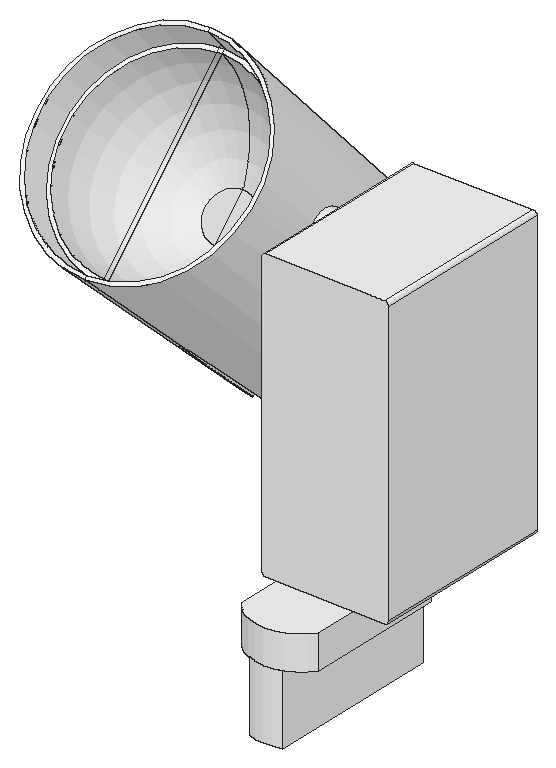
Revit family "0004923 Feilo Sylvania Lighting Fixture START TRACK SPOT S DALI 1262LM 930 MB WHT", category Lighting Fixtures, host Face, Revit 2017
Family settings
  Host = Face
  Round Connector Dimension = Use Diameter
  Part Type = Normal
  OmniClass Number = 23.80.70.00
  OmniClass Title = Lighting
  Cut with Voids When Loaded = No
  Light Source = No
  Shared = No
  Room Calculation Point = No
Parameters (values of type "0004923 START TRACK SPOT S DALI 1262LM 930 MB WHT")
  Weight = "0.94 kg"
  Wattage Comments = ""
  WarrantyStartDate [instance] = "n/a"
  WarrantyGuarantorParts = "n/a"
  WarrantyDurationUnit = "n/a"
  WarrantyDurationParts = "n/a"
  WarrantyDescription = "n/a"
  Voltage = 230 V
  URL = "http://www.sylvania-lighting.com/"
  TypeName = "START TRACK SPOT S DALI 1262LM 930 MB WHT"
  TypeHead_FEILO = Start Track Spot Head : 0004860 START TRACK SPOT S 14W 3K RA90 MB WHITE
  TypeBox_FEILO = Start Track Spot Box : Type Small White
  Type Image = <None>
  Type Comments = "n/a"
  VerticalRotation_FEILO [instance] = 0.00°
  SlideEndAngle_FEILO [instance] = VerticalRotation_FEILO + 180.00°  # 180.00°
  SerialNumber [instance] = "n/a"
  Material_3_FEILO = none
  PowerFactor = 0.92
  PowerConsumption = "14 W"
  NominalLength = 0 mm
  NominalHeight = 200 mm
  NominalDepth = 140 mm
  Name = "START TRACK SPOT S DALI 1262LM 930 MB WHT"
  ModelReference = Name  # "START TRACK SPOT S DALI 1262LM 930 MB WHT"
  ModelNumber = "0004923"
  Model = Name  # "START TRACK SPOT S DALI 1262LM 930 MB WHT"
  Material = "adc12 aluminium housing, polycarbonate diffuser"
  ManufacturerName = "Feilo Sylvania"
  Manufacturer = "Feilo Sylvania"
  LuminousEfficacy = "90 lm/W"
  LuminaireType = ""
  LightOutputRatio = "100"
  LampsType = Lamp  # "LED"
  LampNominalLuminous = "1262 lm"
  LampMacAdamStep = "3"
  LampColourTemperature = "3000 K"
  LampColourRenderingIndex = "90"
  Lamp = "LED"
  Keynote = "16500"
  InstallationDate [instance] = "n/a"
  InputVoltage = "230-240V~"
  InputNominalFrequency = "50/60 Hz"
  IngressProtection = "IP20"
  ImpactProtectionIndex = "IK02"
  IfcExportType = "IfcLightFixtureType"
  IfcExportAs = "IfcLightFixtureType"
  HorizontalRotation_FEILO [instance] = 45.00°
  ExpectedLife = 50000
  ElectricShockClassification = "Class II"
  DurationUnit = "hours"
  DocumentationLiterature = "http://www.sylvania-lighting.com/product/en-int/products/0004860"
  DimmingControlOptions = "Dimmable"
  Material_2_FEILO = none
  Description = "Integrated LED spotlight, Textured White - RAL9016, compact and minimalist design, ideal for retail applications, die-cast aluminium body, passive cooling heatsink. Beam angle: 36°, color temperature: 3000K , total system power: 14W, total fixture output: 1262 lm, LOR: 100%, colour rendering: Ra: 90 typical, LED Chromaticity: 3 step MacAdam ellipse, lifetime: >50000 hours at L70B50, energy class: A++, A+, A, IR/UV free light source without heat radiation, operating voltage: 220-240V / 50-60Hz, drive current: 350mA, electronic driver, non-dimmable, power factor: 0.92, electrical protection: Class II, Global Track 3 Phase adapter suitable for Global trac 3-circuit tracks, ingress protection rating: IP20, suitable for internal environment only, horizontal rotation: 355°, vertical tilt: 90°, dimensions: Ø86x140x200, weight: 0.940kg."
  Default Elevation = 1219.2 mm
  CreatedOn = "04/26/2018"
  CreatedBy = ""
  Cost = 0
  built-in parameter 1114216 [instance] = (empty or 0)
  ClassificationValue = "EF_70_80"
  ClassificationName = "Uniclass2015"
  Material_1_FEILO = Body-Sylvania-StartTrackSpot-White
  BarCode [instance] = "n/a"
  AssetType = "Fixed"
  AssetIdentifier [instance] = "n/a"
  Assembly Code = "D5020200"
  Apparent Load = 14 VA
  Material_4_FEILO = none
Reference planes
  plane 1 "Center (Front/Back)": y = 0
  plane 2: z = 0
  plane 3 "Center (Left/Right)": x = 0
  plane 4: x = 15
  plane 5: x = -15
  plane 6: y = 35
  plane 7: y = -35
  plane 8: z = 13
  plane 9: z = -27
  plane 10: x = 6.5
  plane 11: x = -6.5
  plane 12: y = 27
  plane 13: y = -27
  plane 14: y = 20
Forms (mm)
  Extrusion 1, solid, material "Body-Sylvania-StartTrackSpot-White" <- "Material_1_FEILO"
    sketch origin (0, 0, 0) x (1, 0, 0) y (0, 1, 0)
      loop
        line (-15, 27) -> (-15, -27)
        arc (-15, -27) -> (0, -35) -> (15, -27) r 18.062
        line (15, -27) -> (15, 27)
        arc (15, 27) -> (0, 35) -> (-15, 27) r 18.062
    from 0 to 13
  Extrusion 2, solid, material "Body-Sylvania-StartTrackSpot-White" <- "Material_1_FEILO"
    sketch origin (0, 0, 0) x (1, 0, 0) y (0, 1, 0)
      loop
        arc (6.5, 33.79) -> (0, 35) -> (-6.5, 33.79) r 18.062
        line (-6.5, 33.79) -> (-6.5, -33.79)
        arc (-6.5, -33.79) -> (0, -35) -> (6.5, -33.79) r 18.062
        line (6.5, -33.79) -> (6.5, 33.79)
    from 0 to -27
  Revolve 3, solid, not visible
    sketch origin (1524, 20, 1219.2) x (1, 0, 0) y (0, 0, 1)
      loop
        line (-1524, -1206.2) -> (-1524, -1191.285) -> (-1530.5, -1191.285) -> (-1530.5, -1206.2) -> (-1524, -1206.2)
      axis (-1524, -1191.285) -> (-1524, -1206.2)
    angle from 0 <- "VerticalRotation_FEILO" to 180 <- "SlideEndAngle_FEILO"
Cuts and joins
  joined: Extrusion 1, Extrusion 2
Dimensions and locks
  equal spacing: plane 10, plane 3 "Center (Left/Right)", plane 11
  equal spacing: plane 4, plane 3 "Center (Left/Right)", plane 5
  locked: plane 8 to plane 2 at 13
  locked: plane 8 to plane 9 at 40
  equal spacing: plane 13, plane 1 "Center (Front/Back)", plane 12
  locked: plane 12 to plane 6 at 8
  locked: plane 14 to plane 6 at 15
  locked: Revolve 3 sketch curve to plane 8 at 14.915
  aligned and locked: plane 2 to host face
  aligned and locked: level to host face
  aligned and locked: plane 5 to Extrusion 1 sketch curve  (x2)
  aligned and locked: plane 12 to Extrusion 1 sketch curve
  aligned and locked: plane 13 to Extrusion 1 sketch curve
  aligned and locked: plane 4 to Extrusion 1 sketch curve
  aligned and locked: Extrusion 1 to plane 8
  aligned and locked: Extrusion 1 to level
  aligned and locked: Extrusion 2 sketch curve to Extrusion 1  (x2)
  aligned and locked: Extrusion 2 sketch curve to plane 11
  aligned and locked: plane 10 to Extrusion 2 sketch curve
  aligned and locked: plane 9 to Extrusion 2
  aligned and locked: level to Extrusion 2
  aligned and locked: Revolve 3 sketch curve to plane 3 "Center (Left/Right)"  (x2)
  aligned and locked: plane 11 to Revolve 3 sketch curve
  aligned and locked: Revolve 3 sketch curve to plane 8
Automatic sketch dimensions
  host sketch curve to host sketch curve = 2438.4 mm  (x2)
  Extrusion 1 sketch curve to plane 3 "Center (Left/Right)" = 0 mm  (x2)
  Extrusion 1 sketch curve to plane 13 = 10.062 mm
  plane 12 to Extrusion 1 sketch curve = 10.062 mm
  Revolve 3 sketch curve to plane 3 "Center (Left/Right)" = 0 mm
  plane 9 to Revolve 3 sketch curve = 582.6 mm
  Revolve 3 sketch curve to Revolve 3 sketch curve = 2581.144 mm
Nested families
  nested 1: "Start Track Spot Head" at (-62, 20, 112.529) x (0, 0.7071, 0.7071) z (0, 0.7071, -0.7071), type <- "TypeHead_FEILO", type "0004860 START TRACK SPOT S 14W 3K RA90 MB WHITE"
    with built-in parameter 1114216 (empty or 0)
  nested 2: "Start Track Spot Box" at (8.5, 20, 73) x (-1, 0, 0) z (0, -1, 0), BoxStartAngle_FEILO <- "HorizontalRotation_FEILO", type <- "TypeBox_FEILO", type "Type Small White"
    with BoxStartAngle_FEILO 45.00°, BoxEndAngle_FEILO -135.00°
Connectors
  electrical at (0, 0, 0), driven by "Apparent Load", driven by "PowerFactor", driven by "Voltage"
    settings: index 1, voltage 230 V, apparent load 14 VA, apparent load phase1 0 VA, apparent load phase2 0 VA, apparent load phase3 0 VA, power factor 0.92, load classification "Lighting", number of poles 1, system type 30, power factor state 1, is connector primary yes, connector utility no, sub classification motor no, connector description ""
Definition of nested family "Start Track Spot Head"
  Parameters (values of type "0004811 START TRACK SPOT S 14W 3K RA80 NB WHITE")
    Wattage Comments = "n/a"
    Wattage = 14 W
    built-in parameter 1150110 = 1 (stored number, unit not read)
    URL = "http://www.feilosylvania.com"
    Type Image = (empty or 0)
    Type Comments = "n/a"
    built-in parameter 1114217 = 1 (stored number, unit not read)
    Tilt Angle = -90.00°
    built-in parameter 1150109 = 1 (stored number, unit not read)
    built-in parameter 1150134 = (empty or 0)
    built-in parameter 1150113 = 1 (stored number, unit not read)
    Photometric Web File = "0004811.ies"
    Material_3_FEILO = none
    Model = "START TRACK SPOT S 14W 3K RA80 NB WHITE"
    Manufacturer = "Feilo Sylvania"
    built-in parameter 1150105 = 123.66 (stored number, unit not read)
    Lumens = 1554 lm
    built-in parameter 1150115 = 1 (stored number, unit not read)
    built-in parameter 1150137 = (empty or 0)
    built-in parameter 1150139 = (empty or 0)
    built-in parameter 1150112 = 1 (stored number, unit not read)
    built-in parameter 1150114 = 1 (stored number, unit not read)
    Lamp = "LED"
    Keynote = "16500"
    Material_2_FEILO = none
    built-in parameter 1150132 = (empty or 0)
    built-in parameter 1150102 = (empty or 0)
    built-in parameter 1150107 = 3000 (stored number, unit not read)
    built-in parameter 1150138 = (empty or 0)
    built-in parameter 1150106 = 1.2366 (stored number, unit not read)
    HeadThickness_FEILO = if(HeadDiaOut_FEILO > 112 mm, 2 mm, 1.5 mm)  # 1.5 mm
    HeadRibOffset_FEILO = HeadHeight_FEILO / 28  # 4.179 mm
    HeadRibDepth_FEILO = HeadHeight_FEILO / 2.1  # 55.714 mm
    HeadRibCutWidth_FEILO = HeadDiaOut_FEILO / 12  # 7.167 mm
    HeadRibCutOffset_FEILO = HeadHeight_FEILO / 2.3  # 50.87 mm
    HeadReflectorRadius_FEILO = HeadDiaOut_FEILO / 1.7  # 50.588 mm
    HeadReflectorOffset_FEILO = HeadHeight_FEILO / 2.1  # 55.714 mm
    HeadLEDRadius_FEILO = HeadDiaOut_FEILO / 9  # 9.556 mm
    HeadHeight_FEILO = 117 mm
    HeadDraft_FEILO = 1 mm
    HeadDiffusorThickness_FEILO = 3 mm
    HeadDiffusorOffset_FEILO = HeadHeight_FEILO / 12.4  # 9.435 mm
    HeadDiaOut_FEILO = 86 mm
    HeadDiaIn_FEILO = HeadDiaOut_FEILO / 1.11  # 77.477 mm
    HeadAxisFromTop_FEILO = HeadHeight_FEILO / 1.687  # 69.354 mm
    Emit from Circle Diameter = HeadDiaIn_FEILO  # 77.477 mm
    Emit Shape Visible in Rendering = no
    built-in parameter 1150104 = 10.312 (stored number, unit not read)
    Dimming Lamp Color Temperature Shift = (empty or 0)
    Description = "Integrated LED spotlight, Textured White - RAL9016, compact and minimalist design, ideal for retail applications, die-cast aluminium body, passive cooling heatsink. Beam angle: 12°, color temperature: 3000K , total system power: 14W, total fixture output: 1551 lm, LOR: 100%, colour rendering: Ra: 80 typical, LED Chromaticity: 3 step MacAdam ellipse, lifetime: >50000 hours at L70B50, energy class: A++, A+, A, IR/UV free light source without heat radiation, operating voltage: 220-240V / 50-60Hz, drive current: 350mA, electronic driver, non-dimmable, power factor: 0.92, electrical protection: Class II, Global Track 3 Phase adapter suitable for Global trac 3-circuit tracks, ingress protection rating: IP20, suitable for internal environment only, horizontal rotation: 355°, vertical tilt: 90°, dimensions: Ø86x140x200, weight: 0.940kg."
    Default Elevation = 1219.2 mm
    Cost = 0
    Color Filter = 16777215
    built-in parameter 1114216 [instance] = (empty or 0)
    Material_1_FEILO = none
    built-in parameter 1114218 = 1 (stored number, unit not read)
    built-in parameter 1150133 = 10 (stored number, unit not read)
    Assembly Code = "D5020200"
    Apparent Load = 14 VA
    Material_4_FEILO = none
  Types (96, lengths in mm): name | Wattage | built-in parameter 1150134 | Photometric Web File | Model | built-in parameter 1150105 | Lumens | built-in parameter 1150107 | built-in parameter 1150106 | HeadThickness_FEILO | HeadRibOffset_FEILO | HeadRibDepth_FEILO | HeadRibCutWidth_FEILO | HeadRibCutOffset_FEILO | HeadReflectorRadius_FEILO | HeadReflectorOffset_FEILO | HeadLEDRadius_FEILO | HeadHeight_FEILO | HeadDiffusorOffset_FEILO | HeadDiaOut_FEILO | HeadDiaIn_FEILO | HeadAxisFromTop_FEILO | Emit from Circle Diameter | built-in parameter 1150104 | Description | Apparent Load
    0004906 START TRACK SPOT L 55W 4K RA90 WB BLACK | 55 W | 12 | "0004906.ies" | "START TRACK SPOT L 55W 4K RA90 WB BLACK" | 385.15 (stored number, unit not read) | 4840 lm | 4000 (stored number, unit not read) | 3.8515 (stored number, unit not read) | 2 | 4.429 | 59.048 | 9.417 | 53.913 | 66.471 | 59.048 | 12.556 | 124 | 10 | 113 | 101.802 | 73.503 | 101.802 | 8.1755 (stored number, unit not read) | "Integrated LED spotlight, Textured Black - RAL9005, compact and minimalist design, ideal for retail applications, die-cast aluminium body, passive cooling heatsink. Beam angle: 52°, color temperature: 4000K , total system power: 55W, total fixture output: 4824 lm, LOR: 100%, colour rendering: Ra: 90 typical, LED Chromaticity: 3 step MacAdam ellipse, lifetime: >50000 hours at L70B50, energy class: A++, A+, A, IR/UV free light source without heat radiation, operating voltage: 220-240V / 50-60Hz, drive current: 1400mA, electronic driver, non-dimmable, power factor: 0.96, electrical protection: Class II, Global Track 3 Phase adapter suitable for Global trac 3-circuit tracks, ingress protection rating: IP20, suitable for internal environment only, horizontal rotation: 355°, vertical tilt: 90°, dimensions: Ø113x164x240, weight: 1.398kg." | 55 VA
    0004905 START TRACK SPOT L 55W 4K RA90 MB BLACK | 55 W | 12 | "0004905.ies" | "START TRACK SPOT L 55W 4K RA90 MB BLACK" | 389.53 (stored number, unit not read) | 4895 lm | 4000 (stored number, unit not read) | 3.8953 (stored number, unit not read) | 2 | 4.429 | 59.048 | 9.417 | 53.913 | 66.471 | 59.048 | 12.556 | 124 | 10 | 113 | 101.802 | 73.503 | 101.802 | 8.2684 (stored number, unit not read) | "Integrated LED spotlight, Textured Black - RAL9005, compact and minimalist design, ideal for retail applications, die-cast aluminium body, passive cooling heatsink. Beam angle: 38°, color temperature: 4000K , total system power: 55W, total fixture output: 4897 lm, LOR: 100%, colour rendering: Ra: 90 typical, LED Chromaticity: 3 step MacAdam ellipse, lifetime: >50000 hours at L70B50, energy class: A++, A+, A, IR/UV free light source without heat radiation, operating voltage: 220-240V / 50-60Hz, drive current: 1400mA, electronic driver, non-dimmable, power factor: 0.96, electrical protection: Class II, Global Track 3 Phase adapter suitable for Global trac 3-circuit tracks, ingress protection rating: IP20, suitable for internal environment only, horizontal rotation: 355°, vertical tilt: 90°, dimensions: Ø113x164x240, weight: 1.398kg." | 55 VA
    0004904 START TRACK SPOT L 55W 4K RA90 NB BLACK | 55 W | 12 | "0004904.ies" | "START TRACK SPOT L 55W 4K RA90 NB BLACK" | 393.91 (stored number, unit not read) | 4950 lm | 4000 (stored number, unit not read) | 3.9391 (stored number, unit not read) | 2 | 4.429 | 59.048 | 9.417 | 53.913 | 66.471 | 59.048 | 12.556 | 124 | 10 | 113 | 101.802 | 73.503 | 101.802 | 8.3613 (stored number, unit not read) | "Integrated LED spotlight, Textured Black - RAL9005, compact and minimalist design, ideal for retail applications, die-cast aluminium body, passive cooling heatsink. Beam angle: 15°, color temperature: 4000K , total system power: 55W, total fixture output: 4965 lm, LOR: 100%, colour rendering: Ra: 90 typical, LED Chromaticity: 3 step MacAdam ellipse, lifetime: >50000 hours at L70B50, energy class: A++, A+, A, IR/UV free light source without heat radiation, operating voltage: 220-240V / 50-60Hz, drive current: 1400mA, electronic driver, non-dimmable, power factor: 0.96, electrical protection: Class II, Global Track 3 Phase adapter suitable for Global trac 3-circuit tracks, ingress protection rating: IP20, suitable for internal environment only, horizontal rotation: 355°, vertical tilt: 90°, dimensions: Ø113x164x240, weight: 1.398kg." | 55 VA
    0004903 START TRACK SPOT L 35W 4K RA90 WB BLACK | 35 W | 12 | "0004903.ies" | "START TRACK SPOT L 35W 4K RA90 WB BLACK" | 284.09 (stored number, unit not read) | 3570 lm | 4000 (stored number, unit not read) | 2.8409 (stored number, unit not read) | 2 | 4.429 | 59.048 | 9.417 | 53.913 | 66.471 | 59.048 | 12.556 | 124 | 10 | 113 | 101.802 | 73.503 | 101.802 | 9.4761 (stored number, unit not read) | "Integrated LED spotlight, Textured Black - RAL9005, compact and minimalist design, ideal for retail applications, die-cast aluminium body, passive cooling heatsink. Beam angle: 52°, color temperature: 4000K , total system power: 35W, total fixture output: 3562 lm, LOR: 100%, colour rendering: Ra: 90 typical, LED Chromaticity: 3 step MacAdam ellipse, lifetime: >50000 hours at L70B50, energy class: A++, A+, A, IR/UV free light source without heat radiation, operating voltage: 220-240V / 50-60Hz, drive current: 900mA, electronic driver, non-dimmable, power factor: 0.93, electrical protection: Class II, Global Track 3 Phase adapter suitable for Global trac 3-circuit tracks, ingress protection rating: IP20, suitable for internal environment only, horizontal rotation: 355°, vertical tilt: 90°, dimensions: Ø113x164x240, weight: 1.368kg." | 35 VA
    0004902 START TRACK SPOT L 35W 4K RA90 MB BLACK | 35 W | 12 | "0004902.ies" | "START TRACK SPOT L 35W 4K RA90 MB BLACK" | 286.88 (stored number, unit not read) | 3605 lm | 4000 (stored number, unit not read) | 2.8688 (stored number, unit not read) | 2 | 4.429 | 59.048 | 9.417 | 53.913 | 66.471 | 59.048 | 12.556 | 124 | 10 | 113 | 101.802 | 73.503 | 101.802 | 9.569 (stored number, unit not read) | "Integrated LED spotlight, Textured Black - RAL9005, compact and minimalist design, ideal for retail applications, die-cast aluminium body, passive cooling heatsink. Beam angle: 38°, color temperature: 4000K , total system power: 35W, total fixture output: 3616 lm, LOR: 100%, colour rendering: Ra: 90 typical, LED Chromaticity: 3 step MacAdam ellipse, lifetime: >50000 hours at L70B50, energy class: A++, A+, A, IR/UV free light source without heat radiation, operating voltage: 220-240V / 50-60Hz, drive current: 900mA, electronic driver, non-dimmable, power factor: 0.93, electrical protection: Class II, Global Track 3 Phase adapter suitable for Global trac 3-circuit tracks, ingress protection rating: IP20, suitable for internal environment only, horizontal rotation: 355°, vertical tilt: 90°, dimensions: Ø113x164x240, weight: 1.368kg." | 35 VA
    0004901 START TRACK SPOT L 35W 4K RA90 NB BLACK | 35 W | 12 | "0004901.ies" | "START TRACK SPOT L 35W 4K RA90 NB BLACK" | 286.88 (stored number, unit not read) | 3605 lm | 4000 (stored number, unit not read) | 2.8688 (stored number, unit not read) | 2 | 4.429 | 59.048 | 9.417 | 53.913 | 66.471 | 59.048 | 12.556 | 124 | 10 | 113 | 101.802 | 73.503 | 101.802 | 9.569 (stored number, unit not read) | "Integrated LED spotlight, Textured Black - RAL9005, compact and minimalist design, ideal for retail applications, die-cast aluminium body, passive cooling heatsink. Beam angle: 15°, color temperature: 4000K , total system power: 35W, total fixture output: 3593 lm, LOR: 100%, colour rendering: Ra: 90 typical, LED Chromaticity: 3 step MacAdam ellipse, lifetime: >50000 hours at L70B50, energy class: A++, A+, A, IR/UV free light source without heat radiation, operating voltage: 220-240V / 50-60Hz, drive current: 900mA, electronic driver, non-dimmable, power factor: 0.93, electrical protection: Class II, Global Track 3 Phase adapter suitable for Global trac 3-circuit tracks, ingress protection rating: IP20, suitable for internal environment only, horizontal rotation: 355°, vertical tilt: 90°, dimensions: Ø113x164x240, weight: 1.368kg." | 35 VA
    0004900 START TRACK SPOT S 24W 4K RA90 WB BLACK | 24 W | 12 | "0004900.ies" | "START TRACK SPOT S 24W 4K RA90 WB BLACK" | 166.16 (stored number, unit not read) | 2088 lm | 4000 (stored number, unit not read) | 1.6616 (stored number, unit not read) | 1.5 | 4.179 | 55.714 | 7.167 | 50.87 | 50.588 | 55.714 | 9.556 | 117 | 9.435 | 86 | 77.477 | 69.354 | 77.477 | 8.0826 (stored number, unit not read) | "Integrated LED spotlight, Textured Black - RAL9005, compact and minimalist design, ideal for retail applications, die-cast aluminium body, passive cooling heatsink. Beam angle: 64°, color temperature: 4000K , total system power: 24W, total fixture output: 2087 lm, LOR: 100%, colour rendering: Ra: 90 typical, LED Chromaticity: 3 step MacAdam ellipse, lifetime: >50000 hours at L70B50, energy class: A++, A+, A, IR/UV free light source without heat radiation, operating voltage: 220-240V / 50-60Hz, drive current: 600mA, electronic driver, non-dimmable, power factor: 0.95, electrical protection: Class II, Global Track 3 Phase adapter suitable for Global trac 3-circuit tracks, ingress protection rating: IP20, suitable for internal environment only, horizontal rotation: 355°, vertical tilt: 90°, dimensions: Ø86x140x200, weight: 0.966kg." | 24 VA
    0004899 START TRACK SPOT S 24W 4K RA90 MB BLACK | 24 W | 12 | "0004899.ies" | "START TRACK SPOT S 24W 4K RA90 MB BLACK" | 169.98 (stored number, unit not read) | 2136 lm | 4000 (stored number, unit not read) | 1.6998 (stored number, unit not read) | 1.5 | 4.179 | 55.714 | 7.167 | 50.87 | 50.588 | 55.714 | 9.556 | 117 | 9.435 | 86 | 77.477 | 69.354 | 77.477 | 8.2684 (stored number, unit not read) | "Integrated LED spotlight, Textured Black - RAL9005, compact and minimalist design, ideal for retail applications, die-cast aluminium body, passive cooling heatsink. Beam angle: 36°, color temperature: 4000K , total system power: 24W, total fixture output: 2141 lm, LOR: 100%, colour rendering: Ra: 90 typical, LED Chromaticity: 3 step MacAdam ellipse, lifetime: >50000 hours at L70B50, energy class: A++, A+, A, IR/UV free light source without heat radiation, operating voltage: 220-240V / 50-60Hz, drive current: 600mA, electronic driver, non-dimmable, power factor: 0.95, electrical protection: Class II, Global Track 3 Phase adapter suitable for Global trac 3-circuit tracks, ingress protection rating: IP20, suitable for internal environment only, horizontal rotation: 355°, vertical tilt: 90°, dimensions: Ø86x140x200, weight: 0.966kg." | 24 VA
    0004898 START TRACK SPOT S 24W 4K RA90 NB BLACK | 24 W | 12 | "0004898.ies" | "START TRACK SPOT S 24W 4K RA90 NB BLACK" | 171.89 (stored number, unit not read) | 2160 lm | 4000 (stored number, unit not read) | 1.7189 (stored number, unit not read) | 1.5 | 4.179 | 55.714 | 7.167 | 50.87 | 50.588 | 55.714 | 9.556 | 117 | 9.435 | 86 | 77.477 | 69.354 | 77.477 | 8.3613 (stored number, unit not read) | "Integrated LED spotlight, Textured Black - RAL9005, compact and minimalist design, ideal for retail applications, die-cast aluminium body, passive cooling heatsink. Beam angle: 12°, color temperature: 4000K , total system power: 24W, total fixture output: 2155 lm, LOR: 100%, colour rendering: Ra: 90 typical, LED Chromaticity: 3 step MacAdam ellipse, lifetime: >50000 hours at L70B50, energy class: A++, A+, A, IR/UV free light source without heat radiation, operating voltage: 220-240V / 50-60Hz, drive current: 600mA, electronic driver, non-dimmable, power factor: 0.95, electrical protection: Class II, Global Track 3 Phase adapter suitable for Global trac 3-circuit tracks, ingress protection rating: IP20, suitable for internal environment only, horizontal rotation: 355°, vertical tilt: 90°, dimensions: Ø86x140x200, weight: 0.966kg." | 24 VA
    0004897 START TRACK SPOT S 14W 4K RA90 WB BLACK | 14 W | 12 | "0004897.ies" | "START TRACK SPOT S 14W 4K RA90 WB BLACK" | 108.07 (stored number, unit not read) | 1358 lm | 4000 (stored number, unit not read) | 1.0807 (stored number, unit not read) | 1.5 | 4.179 | 55.714 | 7.167 | 50.87 | 50.588 | 55.714 | 9.556 | 117 | 9.435 | 86 | 77.477 | 69.354 | 77.477 | 9.0116 (stored number, unit not read) | "Integrated LED spotlight, Textured Black - RAL9005, compact and minimalist design, ideal for retail applications, die-cast aluminium body, passive cooling heatsink. Beam angle: 64°, color temperature: 4000K , total system power: 14W, total fixture output: 1352 lm, LOR: 100%, colour rendering: Ra: 90 typical, LED Chromaticity: 3 step MacAdam ellipse, lifetime: >50000 hours at L70B50, energy class: A++, A+, A, IR/UV free light source without heat radiation, operating voltage: 220-240V / 50-60Hz, drive current: 350mA, electronic driver, non-dimmable, power factor: 0.92, electrical protection: Class II, Global Track 3 Phase adapter suitable for Global trac 3-circuit tracks, ingress protection rating: IP20, suitable for internal environment only, horizontal rotation: 355°, vertical tilt: 90°, dimensions: Ø86x140x200, weight: 0.940kg." | 14 VA
    0004896 START TRACK SPOT S 14W 4K RA90 MB BLACK | 14 W | 12 | "0004896.ies" | "START TRACK SPOT S 14W 4K RA90 MB BLACK" | 108.07 (stored number, unit not read) | 1358 lm | 4000 (stored number, unit not read) | 1.0807 (stored number, unit not read) | 1.5 | 4.179 | 55.714 | 7.167 | 50.87 | 50.588 | 55.714 | 9.556 | 117 | 9.435 | 86 | 77.477 | 69.354 | 77.477 | 9.0116 (stored number, unit not read) | "Integrated LED spotlight, Textured Black - RAL9005, compact and minimalist design, ideal for retail applications, die-cast aluminium body, passive cooling heatsink. Beam angle: 36°, color temperature: 4000K , total system power: 14W, total fixture output: 1359 lm, LOR: 100%, colour rendering: Ra: 90 typical, LED Chromaticity: 3 step MacAdam ellipse, lifetime: >50000 hours at L70B50, energy class: A++, A+, A, IR/UV free light source without heat radiation, operating voltage: 220-240V / 50-60Hz, drive current: 350mA, electronic driver, non-dimmable, power factor: 0.92, electrical protection: Class II, Global Track 3 Phase adapter suitable for Global trac 3-circuit tracks, ingress protection rating: IP20, suitable for internal environment only, horizontal rotation: 355°, vertical tilt: 90°, dimensions: Ø86x140x200, weight: 0.940kg." | 14 VA
    0004895 START TRACK SPOT S 14W 4K RA90 NB BLACK | 14 W | 12 | "0004895.ies" | "START TRACK SPOT S 14W 4K RA90 NB BLACK" | 106.95 (stored number, unit not read) | 1344 lm | 4000 (stored number, unit not read) | 1.0695 (stored number, unit not read) | 1.5 | 4.179 | 55.714 | 7.167 | 50.87 | 50.588 | 55.714 | 9.556 | 117 | 9.435 | 86 | 77.477 | 69.354 | 77.477 | 8.9187 (stored number, unit not read) | "Integrated LED spotlight, Textured Black - RAL9005, compact and minimalist design, ideal for retail applications, die-cast aluminium body, passive cooling heatsink. Beam angle: 12°, color temperature: 4000K , total system power: 14W, total fixture output: 1349 lm, LOR: 100%, colour rendering: Ra: 90 typical, LED Chromaticity: 3 step MacAdam ellipse, lifetime: >50000 hours at L70B50, energy class: A++, A+, A, IR/UV free light source without heat radiation, operating voltage: 220-240V / 50-60Hz, drive current: 350mA, electronic driver, non-dimmable, power factor: 0.92, electrical protection: Class II, Global Track 3 Phase adapter suitable for Global trac 3-circuit tracks, ingress protection rating: IP20, suitable for internal environment only, horizontal rotation: 355°, vertical tilt: 90°, dimensions: Ø86x140x200, weight: 0.940kg." | 14 VA
    0004894 START TRACK SPOT L 55W 3K RA90 WB BLACK | 55 W | (empty or 0) | "0004894.ies" | "START TRACK SPOT L 55W 3K RA90 WB BLACK" | 350.14 (stored number, unit not read) | 4400 lm | 3000 (stored number, unit not read) | 3.5014 (stored number, unit not read) | 2 | 4.429 | 59.048 | 9.417 | 53.913 | 66.471 | 59.048 | 12.556 | 124 | 10 | 113 | 101.802 | 73.503 | 101.802 | 7.4322 (stored number, unit not read) | "Integrated LED spotlight, Textured Black - RAL9005, compact and minimalist design, ideal for retail applications, die-cast aluminium body, passive cooling heatsink. Beam angle: 52°, color temperature: 3000K , total system power: 55W, total fixture output: 4405 lm, LOR: 100%, colour rendering: Ra: 90 typical, LED Chromaticity: 3 step MacAdam ellipse, lifetime: >50000 hours at L70B50, energy class: A++, A+, A, IR/UV free light source without heat radiation, operating voltage: 220-240V / 50-60Hz, drive current: 1400mA, electronic driver, non-dimmable, power factor: 0.96, electrical protection: Class II, Global Track 3 Phase adapter suitable for Global trac 3-circuit tracks, ingress protection rating: IP20, suitable for internal environment only, horizontal rotation: 355°, vertical tilt: 90°, dimensions: Ø113x164x240, weight: 1.398kg." | 55 VA
    0004893 START TRACK SPOT L 55W 3K RA90 MB BLACK | 55 W | (empty or 0) | "0004893.ies" | "START TRACK SPOT L 55W 3K RA90 MB BLACK" | 354.52 (stored number, unit not read) | 4455 lm | 3000 (stored number, unit not read) | 3.5452 (stored number, unit not read) | 2 | 4.429 | 59.048 | 9.417 | 53.913 | 66.471 | 59.048 | 12.556 | 124 | 10 | 113 | 101.802 | 73.503 | 101.802 | 7.5251 (stored number, unit not read) | "Integrated LED spotlight, Textured Black - RAL9005, compact and minimalist design, ideal for retail applications, die-cast aluminium body, passive cooling heatsink. Beam angle: 38°, color temperature: 3000K , total system power: 55W, total fixture output: 4448 lm, LOR: 100%, colour rendering: Ra: 90 typical, LED Chromaticity: 3 step MacAdam ellipse, lifetime: >50000 hours at L70B50, energy class: A++, A+, A, IR/UV free light source without heat radiation, operating voltage: 220-240V / 50-60Hz, drive current: 1400mA, electronic driver, non-dimmable, power factor: 0.96, electrical protection: Class II, Global Track 3 Phase adapter suitable for Global trac 3-circuit tracks, ingress protection rating: IP20, suitable for internal environment only, horizontal rotation: 355°, vertical tilt: 90°, dimensions: Ø113x164x240, weight: 1.398kg." | 55 VA
    0004892 START TRACK SPOT L 55W 3K RA90 NB BLACK | 55 W | (empty or 0) | "0004892.ies" | "START TRACK SPOT L 55W 3K RA90 NB BLACK" | 350.14 (stored number, unit not read) | 4400 lm | 3000 (stored number, unit not read) | 3.5014 (stored number, unit not read) | 2 | 4.429 | 59.048 | 9.417 | 53.913 | 66.471 | 59.048 | 12.556 | 124 | 10 | 113 | 101.802 | 73.503 | 101.802 | 7.4322 (stored number, unit not read) | "Integrated LED spotlight, Textured Black - RAL9005, compact and minimalist design, ideal for retail applications, die-cast aluminium body, passive cooling heatsink. Beam angle: 15°, color temperature: 3000K , total system power: 55W, total fixture output: 4416 lm, LOR: 100%, colour rendering: Ra: 90 typical, LED Chromaticity: 3 step MacAdam ellipse, lifetime: >50000 hours at L70B50, energy class: A++, A+, A, IR/UV free light source without heat radiation, operating voltage: 220-240V / 50-60Hz, drive current: 1400mA, electronic driver, non-dimmable, power factor: 0.96, electrical protection: Class II, Global Track 3 Phase adapter suitable for Global trac 3-circuit tracks, ingress protection rating: IP20, suitable for internal environment only, horizontal rotation: 355°, vertical tilt: 90°, dimensions: Ø113x164x240, weight: 1.398kg." | 55 VA
    0004891 START TRACK SPOT L 35W 3K RA90 WB BLACK | 35 W | (empty or 0) | "0004891.ies" | "START TRACK SPOT L 35W 3K RA90 WB BLACK" | 259.02 (stored number, unit not read) | 3255 lm | 3000 (stored number, unit not read) | 2.5902 (stored number, unit not read) | 2 | 4.429 | 59.048 | 9.417 | 53.913 | 66.471 | 59.048 | 12.556 | 124 | 10 | 113 | 101.802 | 73.503 | 101.802 | 8.64 (stored number, unit not read) | "Integrated LED spotlight, Textured Black - RAL9005, compact and minimalist design, ideal for retail applications, die-cast aluminium body, passive cooling heatsink. Beam angle: 52°, color temperature: 3000K , total system power: 35W, total fixture output: 3260 lm, LOR: 100%, colour rendering: Ra: 90 typical, LED Chromaticity: 3 step MacAdam ellipse, lifetime: >50000 hours at L70B50, energy class: A++, A+, A, IR/UV free light source without heat radiation, operating voltage: 220-240V / 50-60Hz, drive current: 900mA, electronic driver, non-dimmable, power factor: 0.93, electrical protection: Class II, Global Track 3 Phase adapter suitable for Global trac 3-circuit tracks, ingress protection rating: IP20, suitable for internal environment only, horizontal rotation: 355°, vertical tilt: 90°, dimensions: Ø113x164x240, weight: 1.368kg." | 35 VA
    0004890 START TRACK SPOT L 35W 3K RA90 MB BLACK | 35 W | (empty or 0) | "0004890.ies" | "START TRACK SPOT L 35W 3K RA90 MB BLACK" | 261.81 (stored number, unit not read) | 3290 lm | 3000 (stored number, unit not read) | 2.6181 (stored number, unit not read) | 2 | 4.429 | 59.048 | 9.417 | 53.913 | 66.471 | 59.048 | 12.556 | 124 | 10 | 113 | 101.802 | 73.503 | 101.802 | 8.7329 (stored number, unit not read) | "Integrated LED spotlight, Textured Black - RAL9005, compact and minimalist design, ideal for retail applications, die-cast aluminium body, passive cooling heatsink. Beam angle: 38°, color temperature: 3000K , total system power: 35W, total fixture output: 3306 lm, LOR: 100%, colour rendering: Ra: 90 typical, LED Chromaticity: 3 step MacAdam ellipse, lifetime: >50000 hours at L70B50, energy class: A++, A+, A, IR/UV free light source without heat radiation, operating voltage: 220-240V / 50-60Hz, drive current: 900mA, electronic driver, non-dimmable, power factor: 0.93, electrical protection: Class II, Global Track 3 Phase adapter suitable for Global trac 3-circuit tracks, ingress protection rating: IP20, suitable for internal environment only, horizontal rotation: 355°, vertical tilt: 90°, dimensions: Ø113x164x240, weight: 1.368kg." | 35 VA
    0004889 START TRACK SPOT L 35W 3K RA90 NB BLACK | 35 W | (empty or 0) | "0004889.ies" | "START TRACK SPOT L 35W 3K RA90 NB BLACK" | 261.81 (stored number, unit not read) | 3290 lm | 3000 (stored number, unit not read) | 2.6181 (stored number, unit not read) | 2 | 4.429 | 59.048 | 9.417 | 53.913 | 66.471 | 59.048 | 12.556 | 124 | 10 | 113 | 101.802 | 73.503 | 101.802 | 8.7329 (stored number, unit not read) | "Integrated LED spotlight, Textured Black - RAL9005, compact and minimalist design, ideal for retail applications, die-cast aluminium body, passive cooling heatsink. Beam angle: 15°, color temperature: 3000K , total system power: 35W, total fixture output: 3287 lm, LOR: 100%, colour rendering: Ra: 90 typical, LED Chromaticity: 3 step MacAdam ellipse, lifetime: >50000 hours at L70B50, energy class: A++, A+, A, IR/UV free light source without heat radiation, operating voltage: 220-240V / 50-60Hz, drive current: 900mA, electronic driver, non-dimmable, power factor: 0.93, electrical protection: Class II, Global Track 3 Phase adapter suitable for Global trac 3-circuit tracks, ingress protection rating: IP20, suitable for internal environment only, horizontal rotation: 355°, vertical tilt: 90°, dimensions: Ø113x164x240, weight: 1.368kg." | 35 VA
    0004888 START TRACK SPOT S 24W 3K RA90 WB BLACK | 24 W | (empty or 0) | "0004888.ies" | "START TRACK SPOT S 24W 3K RA90 WB BLACK" | 152.79 (stored number, unit not read) | 1920 lm | 3000 (stored number, unit not read) | 1.5279 (stored number, unit not read) | 1.5 | 4.179 | 55.714 | 7.167 | 50.87 | 50.588 | 55.714 | 9.556 | 117 | 9.435 | 86 | 77.477 | 69.354 | 77.477 | 7.4322 (stored number, unit not read) | "Integrated LED spotlight, Textured Black - RAL9005, compact and minimalist design, ideal for retail applications, die-cast aluminium body, passive cooling heatsink. Beam angle: 64°, color temperature: 3000K , total system power: 24W, total fixture output: 1928 lm, LOR: 100%, colour rendering: Ra: 90 typical, LED Chromaticity: 3 step MacAdam ellipse, lifetime: >50000 hours at L70B50, energy class: A++, A+, A, IR/UV free light source without heat radiation, operating voltage: 220-240V / 50-60Hz, drive current: 600mA, electronic driver, non-dimmable, power factor: 0.95, electrical protection: Class II, Global Track 3 Phase adapter suitable for Global trac 3-circuit tracks, ingress protection rating: IP20, suitable for internal environment only, horizontal rotation: 355°, vertical tilt: 90°, dimensions: Ø86x140x200, weight: 0.966kg." | 24 VA
    0004887 START TRACK SPOT S 24W 3K RA90 MB BLACK | 24 W | (empty or 0) | "0004887.ies" | "START TRACK SPOT S 24W 3K RA90 MB BLACK" | 154.7 (stored number, unit not read) | 1944 lm | 3000 (stored number, unit not read) | 1.547 (stored number, unit not read) | 1.5 | 4.179 | 55.714 | 7.167 | 50.87 | 50.588 | 55.714 | 9.556 | 117 | 9.435 | 86 | 77.477 | 69.354 | 77.477 | 7.5251 (stored number, unit not read) | "Integrated LED spotlight, Textured Black - RAL9005, compact and minimalist design, ideal for retail applications, die-cast aluminium body, passive cooling heatsink. Beam angle: 36°, color temperature: 3000K , total system power: 24W, total fixture output: 1944 lm, LOR: 100%, colour rendering: Ra: 90 typical, LED Chromaticity: 3 step MacAdam ellipse, lifetime: >50000 hours at L70B50, energy class: A++, A+, A, IR/UV free light source without heat radiation, operating voltage: 220-240V / 50-60Hz, drive current: 600mA, electronic driver, non-dimmable, power factor: 0.95, electrical protection: Class II, Global Track 3 Phase adapter suitable for Global trac 3-circuit tracks, ingress protection rating: IP20, suitable for internal environment only, horizontal rotation: 355°, vertical tilt: 90°, dimensions: Ø86x140x200, weight: 0.966kg." | 24 VA
    0004886 START TRACK SPOT S 24W 3K RA90 NB BLACK | 24 W | (empty or 0) | "0004886.ies" | "START TRACK SPOT S 24W 3K RA90 NB BLACK" | 158.52 (stored number, unit not read) | 1992 lm | 3000 (stored number, unit not read) | 1.5852 (stored number, unit not read) | 1.5 | 4.179 | 55.714 | 7.167 | 50.87 | 50.588 | 55.714 | 9.556 | 117 | 9.435 | 86 | 77.477 | 69.354 | 77.477 | 7.711 (stored number, unit not read) | "Integrated LED spotlight, Textured Black - RAL9005, compact and minimalist design, ideal for retail applications, die-cast aluminium body, passive cooling heatsink. Beam angle: 12°, color temperature: 3000K , total system power: 24W, total fixture output: 1987 lm, LOR: 100%, colour rendering: Ra: 90 typical, LED Chromaticity: 3 step MacAdam ellipse, lifetime: >50000 hours at L70B50, energy class: A++, A+, A, IR/UV free light source without heat radiation, operating voltage: 220-240V / 50-60Hz, drive current: 600mA, electronic driver, non-dimmable, power factor: 0.95, electrical protection: Class II, Global Track 3 Phase adapter suitable for Global trac 3-circuit tracks, ingress protection rating: IP20, suitable for internal environment only, horizontal rotation: 355°, vertical tilt: 90°, dimensions: Ø86x140x200, weight: 0.966kg." | 24 VA
    0004885 START TRACK SPOT S 14W 3K RA90 WB BLACK | 14 W | (empty or 0) | "0004885.ies" | "START TRACK SPOT S 14W 3K RA90 WB BLACK" | 100.27 (stored number, unit not read) | 1260 lm | 3000 (stored number, unit not read) | 1.0027 (stored number, unit not read) | 1.5 | 4.179 | 55.714 | 7.167 | 50.87 | 50.588 | 55.714 | 9.556 | 117 | 9.435 | 86 | 77.477 | 69.354 | 77.477 | 8.3613 (stored number, unit not read) | "Integrated LED spotlight, Textured Black - RAL9005, compact and minimalist design, ideal for retail applications, die-cast aluminium body, passive cooling heatsink. Beam angle: 64°, color temperature: 3000K , total system power: 14W, total fixture output: 1262 lm, LOR: 100%, colour rendering: Ra: 90 typical, LED Chromaticity: 3 step MacAdam ellipse, lifetime: >50000 hours at L70B50, energy class: A++, A+, A, IR/UV free light source without heat radiation, operating voltage: 220-240V / 50-60Hz, drive current: 350mA, electronic driver, non-dimmable, power factor: 0.92, electrical protection: Class II, Global Track 3 Phase adapter suitable for Global trac 3-circuit tracks, ingress protection rating: IP20, suitable for internal environment only, horizontal rotation: 355°, vertical tilt: 90°, dimensions: Ø86x140x200, weight: 0.940kg." | 14 VA
    0004884 START TRACK SPOT S 14W 3K RA90 MB BLACK | 14 W | (empty or 0) | "0004884.ies" | "START TRACK SPOT S 14W 3K RA90 MB BLACK" | 100.27 (stored number, unit not read) | 1260 lm | 3000 (stored number, unit not read) | 1.0027 (stored number, unit not read) | 1.5 | 4.179 | 55.714 | 7.167 | 50.87 | 50.588 | 55.714 | 9.556 | 117 | 9.435 | 86 | 77.477 | 69.354 | 77.477 | 8.3613 (stored number, unit not read) | "Integrated LED spotlight, Textured Black - RAL9005, compact and minimalist design, ideal for retail applications, die-cast aluminium body, passive cooling heatsink. Beam angle: 36°, color temperature: 3000K , total system power: 14W, total fixture output: 1262 lm, LOR: 100%, colour rendering: Ra: 90 typical, LED Chromaticity: 3 step MacAdam ellipse, lifetime: >50000 hours at L70B50, energy class: A++, A+, A, IR/UV free light source without heat radiation, operating voltage: 220-240V / 50-60Hz, drive current: 350mA, electronic driver, non-dimmable, power factor: 0.92, electrical protection: Class II, Global Track 3 Phase adapter suitable for Global trac 3-circuit tracks, ingress protection rating: IP20, suitable for internal environment only, horizontal rotation: 355°, vertical tilt: 90°, dimensions: Ø86x140x200, weight: 0.940kg." | 14 VA
    0004883 START TRACK SPOT S 14W 3K RA90 NB BLACK | 14 W | (empty or 0) | "0004883.ies" | "START TRACK SPOT S 14W 3K RA90 NB BLACK" | 102.5 (stored number, unit not read) | 1288 lm | 3000 (stored number, unit not read) | 1.025 (stored number, unit not read) | 1.5 | 4.179 | 55.714 | 7.167 | 50.87 | 50.588 | 55.714 | 9.556 | 117 | 9.435 | 86 | 77.477 | 69.354 | 77.477 | 8.5471 (stored number, unit not read) | "Integrated LED spotlight, Textured Black - RAL9005, compact and minimalist design, ideal for retail applications, die-cast aluminium body, passive cooling heatsink. Beam angle: 12°, color temperature: 3000K , total system power: 14W, total fixture output: 1284 lm, LOR: 100%, colour rendering: Ra: 90 typical, LED Chromaticity: 3 step MacAdam ellipse, lifetime: >50000 hours at L70B50, energy class: A++, A+, A, IR/UV free light source without heat radiation, operating voltage: 220-240V / 50-60Hz, drive current: 350mA, electronic driver, non-dimmable, power factor: 0.92, electrical protection: Class II, Global Track 3 Phase adapter suitable for Global trac 3-circuit tracks, ingress protection rating: IP20, suitable for internal environment only, horizontal rotation: 355°, vertical tilt: 90°, dimensions: Ø86x140x200, weight: 0.940kg." | 14 VA
    0004882 START TRACK SPOT L 55W 4K RA90 WB WHITE | 55 W | 12 | "0004882.ies" | "START TRACK SPOT L 55W 4K RA90 WB WHITE" | 385.15 (stored number, unit not read) | 4840 lm | 4000 (stored number, unit not read) | 3.8515 (stored number, unit not read) | 2 | 4.429 | 59.048 | 9.417 | 53.913 | 66.471 | 59.048 | 12.556 | 124 | 10 | 113 | 101.802 | 73.503 | 101.802 | 8.1755 (stored number, unit not read) | "Integrated LED spotlight, Textured White - RAL9016, compact and minimalist design, ideal for retail applications, die-cast aluminium body, passive cooling heatsink. Beam angle: 52°, color temperature: 4000K , total system power: 55W, total fixture output: 4824 lm, LOR: 100%, colour rendering: Ra: 90 typical, LED Chromaticity: 3 step MacAdam ellipse, lifetime: >50000 hours at L70B50, energy class: A++, A+, A, IR/UV free light source without heat radiation, operating voltage: 220-240V / 50-60Hz, drive current: 1400mA, electronic driver, non-dimmable, power factor: 0.96, electrical protection: Class II, Global Track 3 Phase adapter suitable for Global trac 3-circuit tracks, ingress protection rating: IP20, suitable for internal environment only, horizontal rotation: 355°, vertical tilt: 90°, dimensions: Ø113x164x240, weight: 1.398kg." | 55 VA
    0004881 START TRACK SPOT L 55W 4K RA90 MB WHITE | 55 W | 12 | "0004881.ies" | "START TRACK SPOT L 55W 4K RA90 MB WHITE" | 389.53 (stored number, unit not read) | 4895 lm | 4000 (stored number, unit not read) | 3.8953 (stored number, unit not read) | 2 | 4.429 | 59.048 | 9.417 | 53.913 | 66.471 | 59.048 | 12.556 | 124 | 10 | 113 | 101.802 | 73.503 | 101.802 | 8.2684 (stored number, unit not read) | "Integrated LED spotlight, Textured White - RAL9016, compact and minimalist design, ideal for retail applications, die-cast aluminium body, passive cooling heatsink. Beam angle: 38°, color temperature: 4000K , total system power: 55W, total fixture output: 4897 lm, LOR: 100%, colour rendering: Ra: 90 typical, LED Chromaticity: 3 step MacAdam ellipse, lifetime: >50000 hours at L70B50, energy class: A++, A+, A, IR/UV free light source without heat radiation, operating voltage: 220-240V / 50-60Hz, drive current: 1400mA, electronic driver, non-dimmable, power factor: 0.96, electrical protection: Class II, Global Track 3 Phase adapter suitable for Global trac 3-circuit tracks, ingress protection rating: IP20, suitable for internal environment only, horizontal rotation: 355°, vertical tilt: 90°, dimensions: Ø113x164x240, weight: 1.398kg." | 55 VA
    0004880 START TRACK SPOT L 55W 4K RA90 NB WHITE | 55 W | 12 | "0004880.ies" | "START TRACK SPOT L 55W 4K RA90 NB WHITE" | 393.91 (stored number, unit not read) | 4950 lm | 4000 (stored number, unit not read) | 3.9391 (stored number, unit not read) | 2 | 4.429 | 59.048 | 9.417 | 53.913 | 66.471 | 59.048 | 12.556 | 124 | 10 | 113 | 101.802 | 73.503 | 101.802 | 8.3613 (stored number, unit not read) | "Integrated LED spotlight, Textured White - RAL9016, compact and minimalist design, ideal for retail applications, die-cast aluminium body, passive cooling heatsink. Beam angle: 15°, color temperature: 4000K , total system power: 55W, total fixture output: 4965 lm, LOR: 100%, colour rendering: Ra: 90 typical, LED Chromaticity: 3 step MacAdam ellipse, lifetime: >50000 hours at L70B50, energy class: A++, A+, A, IR/UV free light source without heat radiation, operating voltage: 220-240V / 50-60Hz, drive current: 1400mA, electronic driver, non-dimmable, power factor: 0.96, electrical protection: Class II, Global Track 3 Phase adapter suitable for Global trac 3-circuit tracks, ingress protection rating: IP20, suitable for internal environment only, horizontal rotation: 355°, vertical tilt: 90°, dimensions: Ø113x164x240, weight: 1.398kg." | 55 VA
    0004879 START TRACK SPOT L 35W 4K RA90 WB WHITE | 35 W | 12 | "0004879.ies" | "START TRACK SPOT L 35W 4K RA90 WB WHITE" | 284.09 (stored number, unit not read) | 3570 lm | 4000 (stored number, unit not read) | 2.8409 (stored number, unit not read) | 2 | 4.429 | 59.048 | 9.417 | 53.913 | 66.471 | 59.048 | 12.556 | 124 | 10 | 113 | 101.802 | 73.503 | 101.802 | 9.4761 (stored number, unit not read) | "Integrated LED spotlight, Textured White - RAL9016, compact and minimalist design, ideal for retail applications, die-cast aluminium body, passive cooling heatsink. Beam angle: 52°, color temperature: 4000K , total system power: 35W, total fixture output: 3562 lm, LOR: 100%, colour rendering: Ra: 90 typical, LED Chromaticity: 3 step MacAdam ellipse, lifetime: >50000 hours at L70B50, energy class: A++, A+, A, IR/UV free light source without heat radiation, operating voltage: 220-240V / 50-60Hz, drive current: 900mA, electronic driver, non-dimmable, power factor: 0.93, electrical protection: Class II, Global Track 3 Phase adapter suitable for Global trac 3-circuit tracks, ingress protection rating: IP20, suitable for internal environment only, horizontal rotation: 355°, vertical tilt: 90°, dimensions: Ø113x164x240, weight: 1.368kg." | 35 VA
    0004878 START TRACK SPOT L 35W 4K RA90 MB WHITE | 35 W | 12 | "0004878.ies" | "START TRACK SPOT L 35W 4K RA90 MB WHITE" | 286.88 (stored number, unit not read) | 3605 lm | 4000 (stored number, unit not read) | 2.8688 (stored number, unit not read) | 2 | 4.429 | 59.048 | 9.417 | 53.913 | 66.471 | 59.048 | 12.556 | 124 | 10 | 113 | 101.802 | 73.503 | 101.802 | 9.569 (stored number, unit not read) | "Integrated LED spotlight, Textured White - RAL9016, compact and minimalist design, ideal for retail applications, die-cast aluminium body, passive cooling heatsink. Beam angle: 38°, color temperature: 4000K , total system power: 35W, total fixture output: 3616 lm, LOR: 100%, colour rendering: Ra: 90 typical, LED Chromaticity: 3 step MacAdam ellipse, lifetime: >50000 hours at L70B50, energy class: A++, A+, A, IR/UV free light source without heat radiation, operating voltage: 220-240V / 50-60Hz, drive current: 900mA, electronic driver, non-dimmable, power factor: 0.93, electrical protection: Class II, Global Track 3 Phase adapter suitable for Global trac 3-circuit tracks, ingress protection rating: IP20, suitable for internal environment only, horizontal rotation: 355°, vertical tilt: 90°, dimensions: Ø113x164x240, weight: 1.368kg." | 35 VA
    0004877 START TRACK SPOT L 35W 4K RA90 NB WHITE | 35 W | 12 | "0004877.ies" | "START TRACK SPOT L 35W 4K RA90 NB WHITE" | 286.88 (stored number, unit not read) | 3605 lm | 4000 (stored number, unit not read) | 2.8688 (stored number, unit not read) | 2 | 4.429 | 59.048 | 9.417 | 53.913 | 66.471 | 59.048 | 12.556 | 124 | 10 | 113 | 101.802 | 73.503 | 101.802 | 9.569 (stored number, unit not read) | "Integrated LED spotlight, Textured White - RAL9016, compact and minimalist design, ideal for retail applications, die-cast aluminium body, passive cooling heatsink. Beam angle: 15°, color temperature: 4000K , total system power: 35W, total fixture output: 3593 lm, LOR: 100%, colour rendering: Ra: 90 typical, LED Chromaticity: 3 step MacAdam ellipse, lifetime: >50000 hours at L70B50, energy class: A++, A+, A, IR/UV free light source without heat radiation, operating voltage: 220-240V / 50-60Hz, drive current: 900mA, electronic driver, non-dimmable, power factor: 0.93, electrical protection: Class II, Global Track 3 Phase adapter suitable for Global trac 3-circuit tracks, ingress protection rating: IP20, suitable for internal environment only, horizontal rotation: 355°, vertical tilt: 90°, dimensions: Ø113x164x240, weight: 1.368kg." | 35 VA
    0004876 START TRACK SPOT S 24W 4K RA90 WB WHITE | 24 W | 12 | "0004876.ies" | "START TRACK SPOT S 24W 4K RA90 WB WHITE" | 166.16 (stored number, unit not read) | 2088 lm | 4000 (stored number, unit not read) | 1.6616 (stored number, unit not read) | 1.5 | 4.179 | 55.714 | 7.167 | 50.87 | 50.588 | 55.714 | 9.556 | 117 | 9.435 | 86 | 77.477 | 69.354 | 77.477 | 8.0826 (stored number, unit not read) | "Integrated LED spotlight, Textured White - RAL9016, compact and minimalist design, ideal for retail applications, die-cast aluminium body, passive cooling heatsink. Beam angle: 64°, color temperature: 4000K , total system power: 24W, total fixture output: 2087 lm, LOR: 100%, colour rendering: Ra: 90 typical, LED Chromaticity: 3 step MacAdam ellipse, lifetime: >50000 hours at L70B50, energy class: A++, A+, A, IR/UV free light source without heat radiation, operating voltage: 220-240V / 50-60Hz, drive current: 600mA, electronic driver, non-dimmable, power factor: 0.95, electrical protection: Class II, Global Track 3 Phase adapter suitable for Global trac 3-circuit tracks, ingress protection rating: IP20, suitable for internal environment only, horizontal rotation: 355°, vertical tilt: 90°, dimensions: Ø86x140x200, weight: 0.966kg." | 24 VA
    0004875 START TRACK SPOT S 24W 4K RA90 MB WHITE | 24 W | 12 | "0004875.ies" | "START TRACK SPOT S 24W 4K RA90 MB WHITE" | 169.98 (stored number, unit not read) | 2136 lm | 4000 (stored number, unit not read) | 1.6998 (stored number, unit not read) | 1.5 | 4.179 | 55.714 | 7.167 | 50.87 | 50.588 | 55.714 | 9.556 | 117 | 9.435 | 86 | 77.477 | 69.354 | 77.477 | 8.2684 (stored number, unit not read) | "Integrated LED spotlight, Textured White - RAL9016, compact and minimalist design, ideal for retail applications, die-cast aluminium body, passive cooling heatsink. Beam angle: 36°, color temperature: 4000K , total system power: 24W, total fixture output: 2141 lm, LOR: 100%, colour rendering: Ra: 90 typical, LED Chromaticity: 3 step MacAdam ellipse, lifetime: >50000 hours at L70B50, energy class: A++, A+, A, IR/UV free light source without heat radiation, operating voltage: 220-240V / 50-60Hz, drive current: 600mA, electronic driver, non-dimmable, power factor: 0.95, electrical protection: Class II, Global Track 3 Phase adapter suitable for Global trac 3-circuit tracks, ingress protection rating: IP20, suitable for internal environment only, horizontal rotation: 355°, vertical tilt: 90°, dimensions: Ø86x140x200, weight: 0.966kg." | 24 VA
    0004874 START TRACK SPOT S 24W 4K RA90 NB WHITE | 24 W | 12 | "0004874.ies" | "START TRACK SPOT S 24W 4K RA90 NB WHITE" | 171.89 (stored number, unit not read) | 2160 lm | 4000 (stored number, unit not read) | 1.7189 (stored number, unit not read) | 1.5 | 4.179 | 55.714 | 7.167 | 50.87 | 50.588 | 55.714 | 9.556 | 117 | 9.435 | 86 | 77.477 | 69.354 | 77.477 | 8.3613 (stored number, unit not read) | "Integrated LED spotlight, Textured White - RAL9016, compact and minimalist design, ideal for retail applications, die-cast aluminium body, passive cooling heatsink. Beam angle: 12°, color temperature: 4000K , total system power: 24W, total fixture output: 2155 lm, LOR: 100%, colour rendering: Ra: 90 typical, LED Chromaticity: 3 step MacAdam ellipse, lifetime: >50000 hours at L70B50, energy class: A++, A+, A, IR/UV free light source without heat radiation, operating voltage: 220-240V / 50-60Hz, drive current: 600mA, electronic driver, non-dimmable, power factor: 0.95, electrical protection: Class II, Global Track 3 Phase adapter suitable for Global trac 3-circuit tracks, ingress protection rating: IP20, suitable for internal environment only, horizontal rotation: 355°, vertical tilt: 90°, dimensions: Ø86x140x200, weight: 0.966kg." | 24 VA
    0004873 START TRACK SPOT S 14W 4K RA90 WB WHITE | 14 W | 12 | "0004873.ies" | "START TRACK SPOT S 14W 4K RA90 WB WHITE" | 108.07 (stored number, unit not read) | 1358 lm | 4000 (stored number, unit not read) | 1.0807 (stored number, unit not read) | 1.5 | 4.179 | 55.714 | 7.167 | 50.87 | 50.588 | 55.714 | 9.556 | 117 | 9.435 | 86 | 77.477 | 69.354 | 77.477 | 9.0116 (stored number, unit not read) | "Integrated LED spotlight, Textured White - RAL9016, compact and minimalist design, ideal for retail applications, die-cast aluminium body, passive cooling heatsink. Beam angle: 64°, color temperature: 4000K , total system power: 14W, total fixture output: 1352 lm, LOR: 100%, colour rendering: Ra: 90 typical, LED Chromaticity: 3 step MacAdam ellipse, lifetime: >50000 hours at L70B50, energy class: A++, A+, A, IR/UV free light source without heat radiation, operating voltage: 220-240V / 50-60Hz, drive current: 350mA, electronic driver, non-dimmable, power factor: 0.92, electrical protection: Class II, Global Track 3 Phase adapter suitable for Global trac 3-circuit tracks, ingress protection rating: IP20, suitable for internal environment only, horizontal rotation: 355°, vertical tilt: 90°, dimensions: Ø86x140x200, weight: 0.940kg." | 14 VA
    0004872 START TRACK SPOT S 14W 4K RA90 MB WHITE | 14 W | 12 | "0004872.ies" | "START TRACK SPOT S 14W 4K RA90 MB WHITE" | 108.07 (stored number, unit not read) | 1358 lm | 4000 (stored number, unit not read) | 1.0807 (stored number, unit not read) | 1.5 | 4.179 | 55.714 | 7.167 | 50.87 | 50.588 | 55.714 | 9.556 | 117 | 9.435 | 86 | 77.477 | 69.354 | 77.477 | 9.0116 (stored number, unit not read) | "Integrated LED spotlight, Textured White - RAL9016, compact and minimalist design, ideal for retail applications, die-cast aluminium body, passive cooling heatsink. Beam angle: 36°, color temperature: 4000K , total system power: 14W, total fixture output: 1359 lm, LOR: 100%, colour rendering: Ra: 90 typical, LED Chromaticity: 3 step MacAdam ellipse, lifetime: >50000 hours at L70B50, energy class: A++, A+, A, IR/UV free light source without heat radiation, operating voltage: 220-240V / 50-60Hz, drive current: 350mA, electronic driver, non-dimmable, power factor: 0.92, electrical protection: Class II, Global Track 3 Phase adapter suitable for Global trac 3-circuit tracks, ingress protection rating: IP20, suitable for internal environment only, horizontal rotation: 355°, vertical tilt: 90°, dimensions: Ø86x140x200, weight: 0.940kg." | 14 VA
    0004871 START TRACK SPOT S 14W 4K RA90 NB WHITE | 14 W | 12 | "0004871.ies" | "START TRACK SPOT S 14W 4K RA90 NB WHITE" | 106.95 (stored number, unit not read) | 1344 lm | 4000 (stored number, unit not read) | 1.0695 (stored number, unit not read) | 1.5 | 4.179 | 55.714 | 7.167 | 50.87 | 50.588 | 55.714 | 9.556 | 117 | 9.435 | 86 | 77.477 | 69.354 | 77.477 | 8.9187 (stored number, unit not read) | "Integrated LED spotlight, Textured White - RAL9016, compact and minimalist design, ideal for retail applications, die-cast aluminium body, passive cooling heatsink. Beam angle: 12°, color temperature: 4000K , total system power: 14W, total fixture output: 1349 lm, LOR: 100%, colour rendering: Ra: 90 typical, LED Chromaticity: 3 step MacAdam ellipse, lifetime: >50000 hours at L70B50, energy class: A++, A+, A, IR/UV free light source without heat radiation, operating voltage: 220-240V / 50-60Hz, drive current: 350mA, electronic driver, non-dimmable, power factor: 0.92, electrical protection: Class II, Global Track 3 Phase adapter suitable for Global trac 3-circuit tracks, ingress protection rating: IP20, suitable for internal environment only, horizontal rotation: 355°, vertical tilt: 90°, dimensions: Ø86x140x200, weight: 0.940kg." | 14 VA
    0004870 START TRACK SPOT L 55W 3K RA90 WB WHITE | 55 W | (empty or 0) | "0004870.ies" | "START TRACK SPOT L 55W 3K RA90 WB WHITE" | 350.14 (stored number, unit not read) | 4400 lm | 3000 (stored number, unit not read) | 3.5014 (stored number, unit not read) | 2 | 4.429 | 59.048 | 9.417 | 53.913 | 66.471 | 59.048 | 12.556 | 124 | 10 | 113 | 101.802 | 73.503 | 101.802 | 7.4322 (stored number, unit not read) | "Integrated LED spotlight, Textured White - RAL9016, compact and minimalist design, ideal for retail applications, die-cast aluminium body, passive cooling heatsink. Beam angle: 52°, color temperature: 3000K , total system power: 55W, total fixture output: 4405 lm, LOR: 100%, colour rendering: Ra: 90 typical, LED Chromaticity: 3 step MacAdam ellipse, lifetime: >50000 hours at L70B50, energy class: A++, A+, A, IR/UV free light source without heat radiation, operating voltage: 220-240V / 50-60Hz, drive current: 1400mA, electronic driver, non-dimmable, power factor: 0.96, electrical protection: Class II, Global Track 3 Phase adapter suitable for Global trac 3-circuit tracks, ingress protection rating: IP20, suitable for internal environment only, horizontal rotation: 355°, vertical tilt: 90°, dimensions: Ø113x164x240, weight: 1.398kg." | 55 VA
    0004869 START TRACK SPOT L 55W 3K RA90 MB WHITE | 55 W | (empty or 0) | "0004869.ies" | "START TRACK SPOT L 55W 3K RA90 MB WHITE" | 354.52 (stored number, unit not read) | 4455 lm | 3000 (stored number, unit not read) | 3.5452 (stored number, unit not read) | 2 | 4.429 | 59.048 | 9.417 | 53.913 | 66.471 | 59.048 | 12.556 | 124 | 10 | 113 | 101.802 | 73.503 | 101.802 | 7.5251 (stored number, unit not read) | "Integrated LED spotlight, Textured White - RAL9016, compact and minimalist design, ideal for retail applications, die-cast aluminium body, passive cooling heatsink. Beam angle: 38°, color temperature: 3000K , total system power: 55W, total fixture output: 4448 lm, LOR: 100%, colour rendering: Ra: 90 typical, LED Chromaticity: 3 step MacAdam ellipse, lifetime: >50000 hours at L70B50, energy class: A++, A+, A, IR/UV free light source without heat radiation, operating voltage: 220-240V / 50-60Hz, drive current: 1400mA, electronic driver, non-dimmable, power factor: 0.96, electrical protection: Class II, Global Track 3 Phase adapter suitable for Global trac 3-circuit tracks, ingress protection rating: IP20, suitable for internal environment only, horizontal rotation: 355°, vertical tilt: 90°, dimensions: Ø113x164x240, weight: 1.398kg." | 55 VA
    0004868 START TRACK SPOT L 55W 3K RA90 NB WHITE | 55 W | (empty or 0) | "0004868.ies" | "START TRACK SPOT L 55W 3K RA90 NB WHITE" | 350.14 (stored number, unit not read) | 4400 lm | 3000 (stored number, unit not read) | 3.5014 (stored number, unit not read) | 2 | 4.429 | 59.048 | 9.417 | 53.913 | 66.471 | 59.048 | 12.556 | 124 | 10 | 113 | 101.802 | 73.503 | 101.802 | 7.4322 (stored number, unit not read) | "Integrated LED spotlight, Textured White - RAL9016, compact and minimalist design, ideal for retail applications, die-cast aluminium body, passive cooling heatsink. Beam angle: 15°, color temperature: 3000K , total system power: 55W, total fixture output: 4416 lm, LOR: 100%, colour rendering: Ra: 90 typical, LED Chromaticity: 3 step MacAdam ellipse, lifetime: >50000 hours at L70B50, energy class: A++, A+, A, IR/UV free light source without heat radiation, operating voltage: 220-240V / 50-60Hz, drive current: 1400mA, electronic driver, non-dimmable, power factor: 0.96, electrical protection: Class II, Global Track 3 Phase adapter suitable for Global trac 3-circuit tracks, ingress protection rating: IP20, suitable for internal environment only, horizontal rotation: 355°, vertical tilt: 90°, dimensions: Ø113x164x240, weight: 1.398kg." | 55 VA
    0004867 START TRACK SPOT L 35W 3K RA90 WB WHITE | 35 W | (empty or 0) | "0004867.ies" | "START TRACK SPOT L 35W 3K RA90 WB WHITE" | 259.02 (stored number, unit not read) | 3255 lm | 3000 (stored number, unit not read) | 2.5902 (stored number, unit not read) | 2 | 4.429 | 59.048 | 9.417 | 53.913 | 66.471 | 59.048 | 12.556 | 124 | 10 | 113 | 101.802 | 73.503 | 101.802 | 8.64 (stored number, unit not read) | "Integrated LED spotlight, Textured White - RAL9016, compact and minimalist design, ideal for retail applications, die-cast aluminium body, passive cooling heatsink. Beam angle: 52°, color temperature: 3000K , total system power: 35W, total fixture output: 3260 lm, LOR: 100%, colour rendering: Ra: 90 typical, LED Chromaticity: 3 step MacAdam ellipse, lifetime: >50000 hours at L70B50, energy class: A++, A+, A, IR/UV free light source without heat radiation, operating voltage: 220-240V / 50-60Hz, drive current: 900mA, electronic driver, non-dimmable, power factor: 0.93, electrical protection: Class II, Global Track 3 Phase adapter suitable for Global trac 3-circuit tracks, ingress protection rating: IP20, suitable for internal environment only, horizontal rotation: 355°, vertical tilt: 90°, dimensions: Ø113x164x240, weight: 1.368kg." | 35 VA
    0004866 START TRACK SPOT L 35W 3K RA90 MB WHITE | 35 W | (empty or 0) | "0004866.ies" | "START TRACK SPOT L 35W 3K RA90 MB WHITE" | 261.81 (stored number, unit not read) | 3290 lm | 3000 (stored number, unit not read) | 2.6181 (stored number, unit not read) | 2 | 4.429 | 59.048 | 9.417 | 53.913 | 66.471 | 59.048 | 12.556 | 124 | 10 | 113 | 101.802 | 73.503 | 101.802 | 8.7329 (stored number, unit not read) | "Integrated LED spotlight, Textured White - RAL9016, compact and minimalist design, ideal for retail applications, die-cast aluminium body, passive cooling heatsink. Beam angle: 38°, color temperature: 3000K , total system power: 35W, total fixture output: 3306 lm, LOR: 100%, colour rendering: Ra: 90 typical, LED Chromaticity: 3 step MacAdam ellipse, lifetime: >50000 hours at L70B50, energy class: A++, A+, A, IR/UV free light source without heat radiation, operating voltage: 220-240V / 50-60Hz, drive current: 900mA, electronic driver, non-dimmable, power factor: 0.93, electrical protection: Class II, Global Track 3 Phase adapter suitable for Global trac 3-circuit tracks, ingress protection rating: IP20, suitable for internal environment only, horizontal rotation: 355°, vertical tilt: 90°, dimensions: Ø113x164x240, weight: 1.368kg." | 35 VA
    0004865 START TRACK SPOT L 35W 3K RA90 NB WHITE | 35 W | (empty or 0) | "0004865.ies" | "START TRACK SPOT L 35W 3K RA90 NB WHITE" | 261.81 (stored number, unit not read) | 3290 lm | 3000 (stored number, unit not read) | 2.6181 (stored number, unit not read) | 2 | 4.429 | 59.048 | 9.417 | 53.913 | 66.471 | 59.048 | 12.556 | 124 | 10 | 113 | 101.802 | 73.503 | 101.802 | 8.7329 (stored number, unit not read) | "Integrated LED spotlight, Textured White - RAL9016, compact and minimalist design, ideal for retail applications, die-cast aluminium body, passive cooling heatsink. Beam angle: 15°, color temperature: 3000K , total system power: 35W, total fixture output: 3287 lm, LOR: 100%, colour rendering: Ra: 90 typical, LED Chromaticity: 3 step MacAdam ellipse, lifetime: >50000 hours at L70B50, energy class: A++, A+, A, IR/UV free light source without heat radiation, operating voltage: 220-240V / 50-60Hz, drive current: 900mA, electronic driver, non-dimmable, power factor: 0.93, electrical protection: Class II, Global Track 3 Phase adapter suitable for Global trac 3-circuit tracks, ingress protection rating: IP20, suitable for internal environment only, horizontal rotation: 355°, vertical tilt: 90°, dimensions: Ø113x164x240, weight: 1.368kg." | 35 VA
